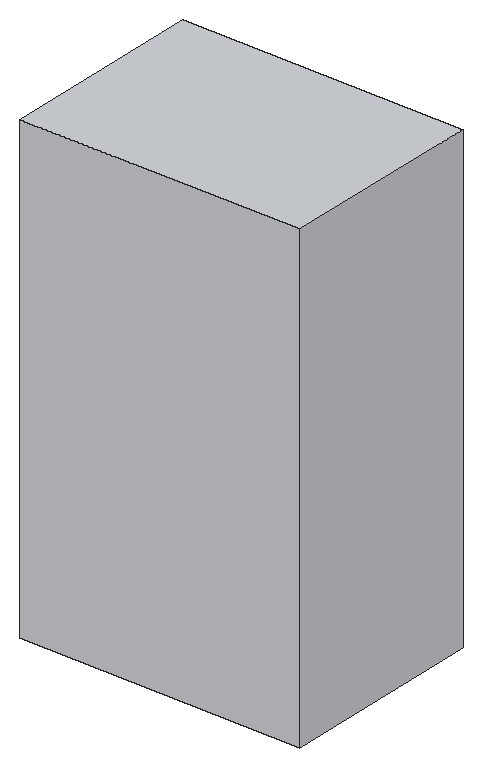
Revit family
Parameters
  Warranty Duration (Years) = 0
  Unit Width [instance] = 1' - 8 177/256"
  Unit Height [instance] = 0' - 9 99/256"
  Unit Depth = 0' - 0"
  URL = "http://www.americanspecialties.com/viewCategories.cfm"
  Test Data = ""
  Specification = "http://www.arcat.com/sdspecs/htm/10810asi.htm"
  SpecWizard = ""
  Send Message = "http://www.arcat.com/users.pl?action=UserEmail&company=American%20Specialties,%20Inc.&coid=30448&rep=139&fax=914-476-0688&mf="
  Sales Information = "http://www.americanspecialties.com/contact"
  Revision = "R1_10-2010"
  Product Properties = "http://www.americanspecialties.com/datasheets/7402-H.pdf"
  Product Data = "http://www.arcat.com/arcatcos/cos30/arc30448.html"
  Trim Material = Metal - Stainless Steel
  Model = "As Specified in 10 28 13"
  Manufacturer Website = "http://www.americanspecialties.com/viewCategories.cfm"
  Manufacturer Phone - Toll Free = ""
  Manufacturer Phone = "914-476-9000 "
  Manufacturer Fax = "914-476-0688"
  Manufacturer Address = "441 Saw Mill River Rd., Yonkers, NY 10701"
  Manufacturer = "American Specialties, Inc."
  Maintenance Schedule (Months) = 0
  Keynote = "10 28 13"
  Installation-Fabrication = "http://www.americanspecialties.com/products.cfm"
  Body Material = Metal - Stainless Steel
  Green Building-LEED = ""
  Expected Lifespan (Years) = 0
  Drawn By = "Robert S. Weygant. CSI, CDT, SCIP"  # constant formula
  Description = "Toilet Accessory as Specified in 10 28 13"
  Default Elevation = 4' - 0"
  Copyright = "©Arcat Inc."
  Construction Details = "http://www.arcat.com/green/clients/leed_data_30448.html"
  Building Codes = "http://www.americanspecialties.com/products.cfm"
  Assembly Code = "C1030210"
Reference planes (in)
  plane 1 "Center (Front/Back)": y = -0.22862
  plane 2 "Floor Line": z = 0
  plane 3: x = -6.97093
  plane 4: y = -6.54112
  plane 5: y = -0.97862
  plane 6: y = -5.79112
  plane 7: x = -0.65843
  plane 8: z = -1.87683
Forms (in)
  Extrusion 1, solid
    sketch origin (-3, -9, -6) x (0, 0, -1) y (1, 0, 0)
      loop
        line (-82, 26.34157) -> (-82, -19.34712) -> (-6, -19.34712) -> (-6, 26.34157) -> (-82, 26.34157)
    from 9 to -24.27453
  Extrusion 2, solid, material "Metal - Stainless Steel" <- "Body Material"
    sketch origin (0, 0, -2) x (1, 0, 0) y (0, 1, 0)
      loop
        line (-6.97093, -0.42371) -> (-6.97093, -6.34603)
        arc (-6.97093, -6.34603) -> (-6.91379, -6.48398) -> (-6.77584, -6.54112) r 0.19509
        line (-6.77584, -6.54112) -> (-0.85352, -6.54112)
        arc (-0.85352, -6.54112) -> (-0.71557, -6.48398) -> (-0.65843, -6.34603) r 0.19509
        line (-0.65843, -6.34603) -> (-0.65843, -0.42371)
        arc (-0.65843, -0.42371) -> (-0.71557, -0.28576) -> (-0.85352, -0.22862) r 0.19509
        line (-0.85352, -0.22862) -> (-6.77584, -0.22862)
        arc (-6.77584, -0.22862) -> (-6.91379, -0.28576) -> (-6.97093, -0.42371) r 0.19509
      loop
        arc (-6.04659, -0.97862) -> (-6.16987, -1.02968) -> (-6.22093, -1.15297) r 0.17435
        line (-6.22093, -1.15297) -> (-6.22093, -5.61677)
        arc (-6.22093, -5.61677) -> (-6.16987, -5.74005) -> (-6.04659, -5.79112) r 0.17435
        line (-6.04659, -5.79112) -> (-1.58278, -5.79112)
        arc (-1.58278, -5.79112) -> (-1.4595, -5.74005) -> (-1.40843, -5.61677) r 0.17435
        line (-1.40843, -5.61677) -> (-1.40843, -1.15297)
        arc (-1.40843, -1.15297) -> (-1.4595, -1.02968) -> (-1.58278, -0.97862) r 0.17435
        line (-1.58278, -0.97862) -> (-6.04659, -0.97862)
    from 2 to 2.125
  Extrusion 3, solid, material "Metal - Stainless Steel" <- "Body Material"
    sketch origin (-0.65843, -1.71875, -2) x (0, 1, 0) y (0, 0, 1)
      loop
        line (-1.16612, 3.9375) -> (-2.16612, 3.9375) -> (-2.16612, 2.125) -> (-1.16612, 2.125) -> (-1.16612, 3.9375)
    from -0.75 to -0.13825
  Extrusion 4, solid, material "Metal - Stainless Steel" <- "Body Material"
    sketch origin (-6.97093, -1.71875, -2) x (0, 1, 0) y (0, 0, -1)
      loop
        line (-1.16612, -3.9375) -> (-1.16612, -2.125) -> (-2.16612, -2.125) -> (-2.16612, -3.9375) -> (-1.16612, -3.9375)
    from -0.75 to -0.13825
  Extrusion 5, solid, material "Metal - Stainless Steel" <- "Body Material"
    sketch origin (-0.65843, -1.71875, -1.97999) x (0, 1, 0) y (0, 0, 1)
      loop
        circle (-1.6726, 3.22999) r 0.33333
    from -4 to -0.75
  Extrusion 6, solid, material "Metal - Stainless Steel" <- "Body Material"
    sketch origin (-0.65843, 0, 0) x (0, 1, 0) y (0, 0, 1)
      loop
        arc (-5.79112, 0) -> (-3.38487, -1.87683) -> (-0.97862, 0) r 2.48092
        line (-0.97862, 0) -> (-1.01085, 0)
        arc (-1.01085, 0) -> (-3.38487, -1.84558) -> (-5.75888, 0) r 2.44967
        line (-5.75888, 0) -> (-5.79112, 0)
    from -5.5625 to -0.75
  Extrusion 7, solid, material "Metal - Stainless Steel" <- "Body Material"
    sketch origin (-1.43968, 0, 0) x (0, 1, 0) y (0, 0, 1)
      loop
        arc (-5.79112, 0) -> (-3.38487, -1.87683) -> (-0.97862, 0) r 2.48092
        line (-0.97862, 0) -> (-5.79112, 0)
    from 0 to 0.03125
  Extrusion 8, solid, material "Metal - Stainless Steel" <- "Body Material"
    sketch origin (-6.22093, 0, 0) x (0, 1, 0) y (0, 0, 1)
      loop
        arc (-5.79112, 0) -> (-3.38487, -1.87683) -> (-0.97862, 0) r 2.48092
        line (-0.97862, 0) -> (-5.79112, 0)
    from 0 to 0.03125
  Extrusion 9, void
    sketch origin (0, 0, 0) x (1, 0, 0) y (0, 1, 0)
      loop
        line (-6.22093, -0.97862) -> (-6.22093, -5.79112) -> (-1.40843, -5.79112) -> (-1.40843, -0.97862) -> (-6.22093, -0.97862)
    from -2.1875 to 0
  Extrusion 10, solid, material "Metal - Stainless Steel" <- "Body Material"
    sketch origin (-0.65843, 0, 0) x (0, 1, 0) y (0, 0, 1)
      loop
        circle (-3.39135, 1.25) r 0.30208
    from -5.5625 to -4
  Extrusion 11, void
    sketch origin (0, 0, 0) x (1, 0, 0) y (0, 1, 0)
      loop
        circle (-5.68968, -3.38487) r 0.125
      loop
        circle (-1.93968, -3.38487) r 0.125
    from -1.87683 to -1.79907
  Extrusion 12, solid, material "Metal - Stainless Steel" <- "Body Material"
    sketch origin (-0.65843, -6.76973, 0) x (0, -1, 0) y (0, 0, -1)
      loop
        arc (-5.53634, 0.13257) -> (-5.47634, 0.15425) -> (-5.5044, 0.09696) r 0.03441
        line (-5.5044, 0.09696) -> (-5.5044, 0.06567)
        arc (-5.5044, 0.06567) -> (-5.45406, 0.17618) -> (-5.56759, 0.13306) r 0.06566
        line (-5.56759, 0.13306) -> (-5.56759, -1.36743)
        arc (-5.56759, -1.36743) -> (-5.08164, -2.70112) -> (-3.85161, -3.40957) r 2.07314
        arc (-3.85161, -3.40957) -> (-3.74704, -3.45126) -> (-3.7035, -3.55508) r 0.14553
        line (-3.7035, -3.55508) -> (-3.7035, -3.68008) -> (-3.67225, -3.68008) -> (-3.67225, -3.55508)
        arc (-3.67225, -3.55508) -> (-3.72402, -3.43008) -> (-3.84902, -3.3783) r 0.17678
        arc (-3.84902, -3.3783) -> (-5.05863, -2.67993) -> (-5.53634, -1.36743) r 2.04189
        line (-5.53634, -1.36743) -> (-5.53634, 0.13257)
    from -5.53125 to -0.78125
  Extrusion 13, solid, material "Metal - Stainless Steel" <- "Body Material"
    sketch origin (-0.65843, 0, 0) x (0, 1, 0) y (0, 0, 1)
      loop
        line (-4.32237, -2.1875) -> (-2.44737, -2.1875) -> (-2.44737, -2.0625) -> (-4.32237, -2.0625) -> (-4.32237, -2.1875)
      loop
        line (-3.38487, -1.87683) -> (-3.63487, -1.87683) -> (-3.63487, -2.0549) -> (-3.13487, -2.0549) -> (-3.13487, -1.87683) -> (-3.38487, -1.87683)
    from -5.28125 to -4.78125
  Extrusion 14, solid, material "Metal - Stainless Steel" <- "Body Material"
    sketch origin (-6.97093, 0, 0) x (0, 1, 0) y (0, 0, -1)
      loop
        line (-4.32237, 2.1875) -> (-4.32237, 2.0625) -> (-2.44737, 2.0625) -> (-2.44737, 2.1875) -> (-4.32237, 2.1875)
      loop
        line (-3.38487, 1.87683) -> (-3.13487, 1.87683) -> (-3.13487, 2.0549) -> (-3.63487, 2.0549) -> (-3.63487, 1.87683) -> (-3.38487, 1.87683)
    from -5.28125 to -4.78125
Cuts and joins
  Extrusion 9, Extrusion 11 cuts Extrusion 2
  Extrusion 9 cuts Extrusion 3
  Extrusion 9 cuts Extrusion 4
  Extrusion 11 cuts Extrusion 5
  Extrusion 11 cuts Extrusion 6
  Extrusion 11 cuts Extrusion 10
Dimensions and locks (in)
  aligned and locked: Extrusion 1 to level
  aligned and locked: Extrusion 2 to plane 1 "Center (Front/Back)"
  aligned and locked: plane 5 to Extrusion 2
  aligned and locked: Extrusion 2 to plane 6
  aligned and locked: Extrusion 6 to Extrusion 2
  aligned and locked: Extrusion 7 sketch curve to Extrusion 6
  aligned and locked: Extrusion 2 to Extrusion 7 sketch curve
  aligned and locked: Extrusion 9 sketch curve to Extrusion 8
  aligned and locked: Extrusion 9 sketch curve to plane 5
  aligned and locked: Extrusion 9 sketch curve to plane 6
  aligned and locked: Extrusion 9 sketch curve to Extrusion 2
  aligned and locked: Extrusion 6 to Extrusion 5
  aligned and locked: cut or joined group of Extrusion 2, Extrusion 9, Extrusion 11 to plane 7
  aligned and locked: cut or joined group of Extrusion 2, Extrusion 9, Extrusion 11 to plane 3
  aligned and locked: Extrusion 9 to Extrusion 13
